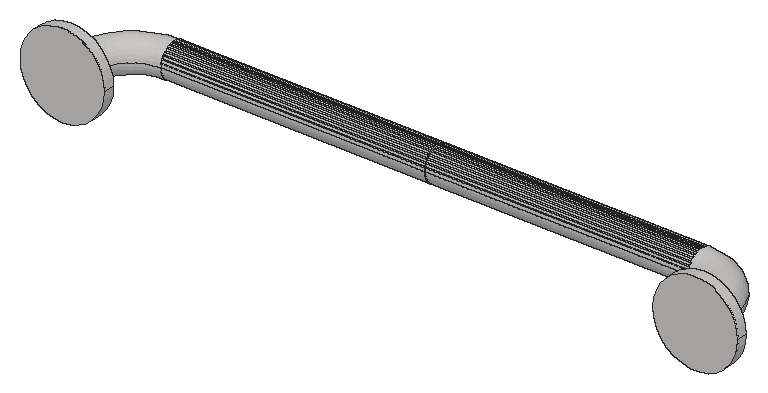
Revit family "DHGB0012_REVIT", category Pipe Accessories, Revit 2017
Family settings
  Round Connector Dimension = Use Diameter
  Part Type = Normal
  Work Plane-Based = Yes
  Always vertical = No
  Cut with Voids When Loaded = Yes
  Shared = No
Parameters
  Website = "https://dolphy.in/"  # constant formula
  Model = "DHGB0012"  # constant formula
  Default Elevation = 1219.2 mm
  Contact number = "+91 9520202035"  # constant formula
  Contact email = "info@dolphy.in"  # constant formula
  Company name = "Dolphy India"  # constant formula
Reference planes
  plane 1 "Center (Front/Back)": y = 0
  plane 2: z = 0
  plane 3 "Center (Left/Right)": x = 0
Forms (mm)
  Sweep 1, solid, material "Stainless Steel"
    path origin (0, 0, 0) x (1, 0, 0) y (0, 1, 0)
      loop
        line (0, 60) -> (-250, 60)
        arc (-250, 60) -> (-285.355, 45.355) -> (-300, 10) r 50
        line (-300, 10) -> (-300, 0)
    profile origin (-125, 60, 0) x (0, -1, 0) y (0, 0, 1)
      loop
        circle (0, 0) r 16
  Extrusion 2, solid, material "Stainless Steel"
    sketch origin (-300, 0, 0) x (1, 0, 0) y (0, 0, 1)
      loop
        circle (0, 0) r 40
    from 0 to 10
  Sweep 3, solid, material "Stainless Steel"
    path origin (0, 0, 0) x (-1, 0, 0) y (0, 1, 0)
      loop
        line (0, 60) -> (-250, 60)
        arc (-250, 60) -> (-285.355, 45.355) -> (-300, 10) r 50
        line (-300, 10) -> (-300, 0)
    profile origin (125, 60, 0) x (0, 1, 0) y (0, 0, 1)
      loop
        circle (0, 0) r 16
  Extrusion 4, solid, material "Stainless Steel"
    sketch origin (300, 0, 0) x (-1, 0, 0) y (0, 0, -1)
      loop
        circle (0, 0) r 40
    from 0 to 10
  Sweep 5, solid, material "Stainless Steel"
    path origin (0, 0, 0) x (1, 0, 0) y (0, 1, 0)
      loop
        line (0, 60) -> (-250, 60)
        arc (-250, 60) -> (-285.355, 45.355) -> (-300, 10) r 50
        line (-300, 10) -> (-300, 0)
    profile origin (-125, 60, 0) x (0, -1, 0) y (0, 0, 1)
      loop
        circle (0, 0) r 16
  Extrusion 6, solid, material "Stainless Steel"
    sketch origin (-300, 0, 0) x (1, 0, 0) y (0, 0, 1)
      loop
        circle (0, 0) r 40
    from 0 to 10
  Sweep 7, solid, material "Stainless Steel"
    path origin (0, 0, 0) x (-1, 0, 0) y (0, 1, 0)
      loop
        line (0, 60) -> (-250, 60)
        arc (-250, 60) -> (-285.355, 45.355) -> (-300, 10) r 50
        line (-300, 10) -> (-300, 0)
    profile origin (125, 60, 0) x (0, 1, 0) y (0, 0, 1)
      loop
        circle (0, 0) r 16
  Extrusion 8, solid, material "Stainless Steel"
    sketch origin (300, 0, 0) x (-1, 0, 0) y (0, 0, -1)
      loop
        circle (0, 0) r 40
    from 0 to 10
Cuts and joins
  joined: Sweep 1, Sweep 3
Dimensions and locks
  aligned and locked: level to plane 2
